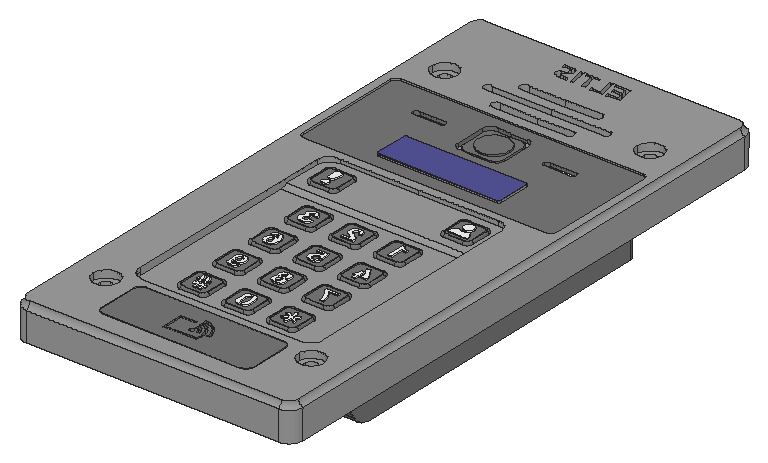
Revit family "Блок вызова_DPU5000-KEDC", category Устройства вызова и оповещения, Revit 2019
Family settings
  Сохранять ориентацию аннотаций = Нет
  Размер круглого соединителя = Использовать диаметр
  Тип детали = Нормальный
  На основе рабочей плоскости = Нет
  Всегда вертикально = Да
  При загрузке вырезать с полостями = Нет
  Общий = Нет
  Точка расчета площади = Нет
Parameters
  Отступ от грани [instance] = 500 mm
  Описание = "Блок вызова DPU5000-KEDC"
  Горизонтально [instance] = not(Вертикально)  # yes
  Вертикально [instance] = no
  ADSK_Этаж [instance] = ""
  ADSK_Обозначение = "DPU5000-KEDC"
  ADSK_Наименование краткое = "Блок вызова"
  ADSK_Наименование = "Блок вызова DPU5000-KEDC"
  ADSK_Масса = 1
  ADSK_Марка = "DPU5000-KEDC"
  ADSK_Завод-изготовитель = "ELTIS"  # constant formula
Reference planes
  plane 1 "По центру (Вперед/Назад)": y = 0
  plane 2: z = 0
  plane 3 "По центру (Влево/Вправо)": x = 0
  plane 4 "TRT": z = 500
  plane 5 "RTR": z = 493.341
Dimensions and locks
  "Отступ от грани": plane 4 "TRT" to level
  aligned and locked: level to plane 2
  aligned and locked: nested 1 to plane 3 "По центру (Влево/Вправо)"
  aligned and locked: plane 1 "По центру (Вперед/Назад)" to nested 1
  aligned and locked: plane 3 "По центру (Влево/Вправо)" to nested 2
  aligned and locked: plane 5 "RTR" to nested 2
Nested families
  nested 1: "_7000" at (0, 26.363, 500) x (-1, 0, 0) z (0, 0, 1), visible <- "Горизонтально", type "_7000"
  nested 2: "_7000" at (0, 0, 646.341) x (1, 0, 0) z (0, -1, 0), visible <- "Вертикально", type "_7000"
Connectors
  electrical at (0, 0, 493.341)
    settings: index 1, voltage 0 V, apparent load 0 VA, apparent load phase1 0 VA, apparent load phase2 0 VA, apparent load phase3 0 VA, power factor 1, load classification "Прочее", number of poles 1, system type 31, power factor state 1, is connector primary yes, connector utility no, sub classification motor no, connector description ""
Definition of nested family "_7000"
  Parameters (values of type "_7000")
    Черый цвет = none
    Стекло = none
    Синий цвет = none
    Серый цвет = none
    Default Elevation = 1219.2 mm
    Белый цвет = none
    Бежевый цвет = none
  Reference planes
    plane 1 "Уууу": y = 0
    plane 2: z = 0
    plane 3 "Пккккккк": x = 0
  Forms (mm)
    Extrusion 1, solid
      sketch origin (0, 0, 0) x (1, 0, 0) y (0, 1, 0)
        loop
          line (-1219.2, 1219.2) -> (-1219.2, -1219.2) -> (1219.2, -1219.2) -> (1219.2, 1219.2) -> (-1219.2, 1219.2)
      from 0 to -304.8
    Extrusion 2, solid, material <- "Серый цвет", detail levels medium+fine
      sketch origin (0, 0, 0) x (1, 0, 0) y (0, 1, 0)
        loop
          line (-56.452, -153) -> (56.531, -153)
          arc (56.531, -153) -> (60.752, -151.252) -> (62.5, -147.031) r 5.969
          line (62.5, -147.031) -> (62.5, 101.045)
          arc (62.5, 101.045) -> (60.756, 105.256) -> (56.545, 107) r 5.955
          line (56.545, 107) -> (-56.475, 107)
          arc (-56.475, 107) -> (-60.735, 105.235) -> (-62.5, 100.975) r 6.025
          line (-62.5, 100.975) -> (-62.5, -146.952)
          arc (-62.5, -146.952) -> (-60.728, -151.228) -> (-56.452, -153) r 6.048
        loop
          circle (-46, -121.591) r 2.8
        loop
          circle (-46, 68.566) r 2.8
        loop
          circle (46, -121.591) r 2.8
        loop
          circle (46, 68.566) r 2.8
      from 0 to 16
    Extrusion 3, void
      sketch origin (0, 0, 0) x (1, 0, 0) y (0, 1, 0)
        loop
          arc (-54.219, 54) -> (-56.199, 53.18) -> (-57.019, 51.2) r 2.8
          line (-57.019, 51.2) -> (-57.019, 2.7)
          arc (-57.019, 2.7) -> (-56.135, 0.565) -> (-54, -0.319) r 3.019
          line (-54, -0.319) -> (0, -0.319) -> (54, -0.319)
          arc (54, -0.319) -> (56.135, 0.565) -> (57.019, 2.7) r 3.019
          line (57.019, 2.7) -> (57.019, 51.2)
          arc (57.019, 51.2) -> (56.199, 53.18) -> (54.219, 54) r 2.8
          line (54.219, 54) -> (0, 54) -> (-54.219, 54)
        loop
          arc (-35.6, -3.566) -> (-39.705, -5.266) -> (-41.405, -9.371) r 5.805
          line (-41.405, -9.371) -> (-41.405, -108.6)
          arc (-41.405, -108.6) -> (-39.705, -112.705) -> (-35.6, -114.405) r 5.805
          line (-35.6, -114.405) -> (0, -114.405) -> (35.6, -114.405)
          arc (35.6, -114.405) -> (39.705, -112.705) -> (41.405, -108.6) r 5.805
          line (41.405, -108.6) -> (41.405, -9.371)
          arc (41.405, -9.371) -> (39.705, -5.266) -> (35.6, -3.566) r 5.805
          line (35.6, -3.566) -> (0, -3.566) -> (-35.6, -3.566)
        loop
          arc (-26.5, 23.332) -> (-27.207, 23.039) -> (-27.5, 22.332) r 1
          line (-27.5, 22.332) -> (-27.5, 7.959)
          arc (-27.5, 7.959) -> (-27.207, 7.251) -> (-26.5, 6.959) r 1
          line (-26.5, 6.959) -> (26.5, 6.959)
          arc (26.5, 6.959) -> (27.207, 7.251) -> (27.5, 7.959) r 1
          line (27.5, 7.959) -> (27.5, 22.332)
          arc (27.5, 22.332) -> (27.207, 23.039) -> (26.5, 23.332) r 1
          line (26.5, 23.332) -> (-26.5, 23.332)
      from 14 to 30
    Extrusion 4, void
      sketch origin (0, 0, 0) x (1, 0, 0) y (0, 1, 0)
        loop
          line (-34.105, -121.571) -> (-34.105, -138.571)
          arc (-34.105, -138.571) -> (-33.049, -141.12) -> (-30.5, -142.175) r 3.605
          line (-30.5, -142.175) -> (0, -142.175) -> (30.5, -142.175)
          arc (30.5, -142.175) -> (33.049, -141.12) -> (34.105, -138.571) r 3.605
          line (34.105, -138.571) -> (34.105, -121.571)
          arc (34.105, -121.571) -> (33.049, -119.022) -> (30.5, -117.966) r 3.605
          line (30.5, -117.966) -> (0, -117.966) -> (-30.5, -117.966)
          arc (-30.5, -117.966) -> (-33.049, -119.022) -> (-34.105, -121.571) r 3.605
      from 14 to 30
    Extrusion 5, void
      sketch origin (0, 0, 0) x (1, 0, 0) y (0, 1, 0)
        loop
          line (0, 78.499) -> (-16.5, 78.499)
          arc (-16.5, 78.499) -> (-18.57, 76.429) -> (-16.5, 74.36) r 2.07
          line (-16.5, 74.36) -> (0, 74.36) -> (16.5, 74.36)
          arc (16.5, 74.36) -> (18.57, 76.429) -> (16.5, 78.499) r 2.07
          line (16.5, 78.499) -> (0, 78.499)
        loop
          line (0, 62.439) -> (-16.5, 62.439)
          arc (-16.5, 62.439) -> (-18.57, 60.369) -> (-16.5, 58.299) r 2.07
          line (-16.5, 58.299) -> (0, 58.299) -> (16.5, 58.299)
          arc (16.5, 58.299) -> (18.57, 60.369) -> (16.5, 62.439) r 2.07
          line (16.5, 62.439) -> (0, 62.439)
        loop
          line (0, 70.554) -> (-26.39, 70.554)
          arc (-26.39, 70.554) -> (-28.46, 68.484) -> (-26.39, 66.414) r 2.07
          line (-26.39, 66.414) -> (0, 66.414) -> (26.39, 66.414)
          arc (26.39, 66.414) -> (28.46, 68.484) -> (26.39, 70.554) r 2.07
          line (26.39, 70.554) -> (0, 70.554)
      from 13 to 30
    Extrusion 6, void
      sketch origin (0, 0, 0) x (1, 0, 0) y (0, 1, 0)
        loop
          line (-13.907, 97.838) -> (-15.774, 89.75) -> (-9.296, 89.75) -> (-8.991, 91.069) -> (-13.744, 91.069) -> (-13.253, 93.198) -> (-9.102, 93.198) -> (-8.779, 94.598) -> (-12.929, 94.598) -> (-12.484, 96.526) -> (-7.731, 96.526) -> (-7.429, 97.838) -> (-13.907, 97.838)
        loop
          line (-6.308, 97.838) -> (-7.989, 89.75) -> (-2.2, 89.75) -> (-1.895, 91.069) -> (-6.033, 91.069) -> (-4.626, 97.838) -> (-6.308, 97.838)
        loop
          line (-0.74, 97.838) -> (-1.013, 96.526) -> (1.409, 96.526) -> (0, 89.75) -> (1.661, 89.75) -> (3.07, 96.526) -> (5.41, 96.526) -> (5.682, 97.838) -> (-0.74, 97.838)
        loop
          line (6.65, 97.838) -> (4.968, 89.748) -> (6.688, 89.748) -> (8.37, 97.838) -> (6.65, 97.838)
        loop
          line (15.263, 96.265) -> (15.66, 97.838) -> (11.545, 97.838)
          arc (11.545, 97.838) -> (9.61, 96.822) -> (9.621, 94.636) r 2.104
          line (9.621, 94.636) -> (12.156, 92.726)
          arc (12.156, 92.726) -> (12.701, 92.029) -> (12.253, 91.265) r 0.787
          line (12.253, 91.265) -> (8.529, 91.265) -> (8.213, 89.748) -> (12.667, 89.748)
          arc (12.667, 89.748) -> (13.561, 90.076) -> (14.332, 90.633) r 3.483
          arc (14.332, 90.633) -> (14.908, 92.156) -> (14.085, 93.561) r 1.887
          line (14.085, 93.561) -> (11.642, 95.212)
          arc (11.642, 95.212) -> (11.457, 95.807) -> (11.88, 96.265) r 0.624
          line (11.88, 96.265) -> (15.263, 96.265)
      from 14 to 30
    Extrusion 7, void
      sketch origin (0, 0, 0) x (1, 0, 0) y (0, 1, 0)
        loop
          circle (-46.058, 68.453) r 5.773
        loop
          circle (-46.058, -121.547) r 5.773
        loop
          circle (46.058, 68.453) r 5.773
        loop
          circle (46.058, -121.547) r 5.773
      from 13 to 30
    Extrusion 8, void
      sketch origin (0, 0, 0) x (0, 1, 0) y (0, 0, 1)
        loop
          line (-24.213, 16) -> (-24.213, 21) -> (-104.405, 21) -> (-104.405, 16) -> (-104.405, 13.031) -> (-29.355, 13.031)
          arc (-29.355, 13.031) -> (-26.455, 13.946) -> (-24.213, 16) r 7.026
      from -41.405 to 41.405
    Extrusion 9, void
      sketch origin (0, 0, 0) x (1, 0, 0) y (0, 1, 0)
        loop
          arc (-41.405, -108.6) -> (-39.705, -112.705) -> (-35.6, -114.405) r 5.805
          line (-35.6, -114.405) -> (35.6, -114.405)
          arc (35.6, -114.405) -> (39.705, -112.705) -> (41.405, -108.6) r 5.805
          line (41.405, -108.6) -> (41.405, -104.405) -> (-41.405, -104.405) -> (-41.405, -108.6)
      from 13 to 30
    Sweep 10, void
      path in 3D
        loop
          arc (-62.5, -146.952, 16) -> (-60.728, -151.228, 16) -> (-56.452, -153, 16) r 6.048
          line (-56.452, -153, 16) -> (56.531, -153, 16)
          arc (56.531, -153, 16) -> (60.752, -151.252, 16) -> (62.5, -147.031, 16) r 5.969
          line (62.5, -147.031, 16) -> (62.5, 101.045, 16)
          arc (62.5, 101.045, 16) -> (60.756, 105.256, 16) -> (56.545, 107, 16) r 5.955
          line (56.545, 107, 16) -> (-56.475, 107, 16)
          arc (-56.475, 107, 16) -> (-60.735, 105.235, 16) -> (-62.5, 100.975, 16) r 6.025
          line (-62.5, 100.975, 16) -> (-62.5, -146.952, 16)
      profile origin (-62.5, -22.988, 16) x (1, 0, 0) y (0, 0, 1)
        loop
          line (1.866, 0) -> (0, 0) -> (0, -2.874)
          arc (0, -2.874) -> (1.368, -1.719) -> (1.866, 0) r 3.088
    Extrusion 11, void
      sketch origin (0, 0, 0) x (1, 0, 0) y (0, 1, 0)
        loop
          line (0, 47.003) -> (-5.103, 47.003)
          arc (-5.103, 47.003) -> (-7.79, 45.89) -> (-8.903, 43.203) r 3.8
          line (-8.903, 43.203) -> (-8.903, 32.861)
          arc (-8.903, 32.861) -> (-7.83, 30.27) -> (-5.239, 29.197) r 3.664
          line (-5.239, 29.197) -> (0, 29.197) -> (5.239, 29.197)
          arc (5.239, 29.197) -> (7.83, 30.27) -> (8.903, 32.861) r 3.664
          line (8.903, 32.861) -> (8.903, 43.203)
          arc (8.903, 43.203) -> (7.79, 45.89) -> (5.103, 47.003) r 3.8
          line (5.103, 47.003) -> (0, 47.003)
      from 13 to 30
    Extrusion 12, solid, material <- "Черый цвет", detail levels medium+fine
      sketch origin (0, 0, 0) x (1, 0, 0) y (0, 1, 0)
        loop
          line (-10.45, 44.9) -> (-10.45, 31.4)
          arc (-10.45, 31.4) -> (-9.414, 28.9) -> (-6.914, 27.864) r 3.536
          line (-6.914, 27.864) -> (0, 27.864) -> (6.914, 27.864)
          arc (6.914, 27.864) -> (9.414, 28.9) -> (10.45, 31.4) r 3.536
          line (10.45, 31.4) -> (10.45, 44.9)
          arc (10.45, 44.9) -> (9.337, 47.587) -> (6.65, 48.7) r 3.8
          line (6.65, 48.7) -> (0, 48.7) -> (-6.65, 48.7)
          arc (-6.65, 48.7) -> (-9.337, 47.587) -> (-10.45, 44.9) r 3.8
        loop
          arc (-54.219, 54) -> (-56.199, 53.18) -> (-57.019, 51.2) r 2.8
          line (-57.019, 51.2) -> (-57.019, 2.7)
          arc (-57.019, 2.7) -> (-56.135, 0.565) -> (-54, -0.319) r 3.019
          line (-54, -0.319) -> (0, -0.319) -> (54, -0.319)
          arc (54, -0.319) -> (56.135, 0.565) -> (57.019, 2.7) r 3.019
          line (57.019, 2.7) -> (57.019, 51.2)
          arc (57.019, 51.2) -> (56.199, 53.18) -> (54.219, 54) r 2.8
          line (54.219, 54) -> (0, 54) -> (-54.219, 54)
        loop
          circle (0, 38.282) r 7.008
        loop
          arc (-35.226, 40.653) -> (-36.299, 40.208) -> (-36.744, 39.135) r 1.518
          arc (-36.744, 39.135) -> (-36.299, 38.062) -> (-35.226, 37.618) r 1.518
          line (-35.226, 37.618) -> (-23.424, 37.618)
          arc (-23.424, 37.618) -> (-22.364, 38.064) -> (-21.942, 39.135) r 1.482
          arc (-21.942, 39.135) -> (-22.364, 40.206) -> (-23.424, 40.653) r 1.482
          line (-23.424, 40.653) -> (-35.226, 40.653)
        loop
          line (35.226, 40.653) -> (23.424, 40.653)
          arc (23.424, 40.653) -> (22.364, 40.206) -> (21.942, 39.135) r 1.482
          arc (21.942, 39.135) -> (22.364, 38.064) -> (23.424, 37.618) r 1.482
          line (23.424, 37.618) -> (35.226, 37.618)
          arc (35.226, 37.618) -> (36.299, 38.062) -> (36.744, 39.135) r 1.518
          arc (36.744, 39.135) -> (36.299, 40.208) -> (35.226, 40.653) r 1.518
      from 13 to 15.5
    Extrusion 13, solid, material <- "Черый цвет", detail levels medium+fine
      sketch origin (0, 0, 0) x (1, 0, 0) y (0, 1, 0)
        loop
          arc (-30.5, -117.966) -> (-33.049, -119.022) -> (-34.105, -121.571) r 3.605
          line (-34.105, -121.571) -> (-34.105, -138.571)
          arc (-34.105, -138.571) -> (-33.049, -141.12) -> (-30.5, -142.175) r 3.605
          line (-30.5, -142.175) -> (30.5, -142.175)
          arc (30.5, -142.175) -> (33.049, -141.12) -> (34.105, -138.571) r 3.605
          line (34.105, -138.571) -> (34.105, -121.571)
          arc (34.105, -121.571) -> (33.049, -119.022) -> (30.5, -117.966) r 3.605
          line (30.5, -117.966) -> (-30.5, -117.966)
      from 13 to 16
    Extrusion 14, void
      sketch origin (0, 0, 0) x (1, 0, 0) y (0, 1, 0)
        loop
          line (1.465, -126.203) -> (1.465, -127.35) -> (7.9, -127.35) -> (7.9, -135.292) -> (-5.45, -135.292) -> (-5.45, -133.725) -> (-6.579, -133.725) -> (-6.579, -136.294) -> (8.95, -136.294) -> (8.95, -126.203) -> (1.465, -126.203)
        loop
          circle (-0.871, -131.869) r 1.072
        loop
          line (-8.847, -131.944) -> (-7.668, -131.944)
          arc (-7.668, -131.944) -> (-5.624, -127.009) -> (-0.689, -124.965) r 6.979
          line (-0.689, -124.965) -> (-0.689, -123.785)
          arc (-0.689, -123.785) -> (-6.458, -126.175) -> (-8.847, -131.944) r 8.159
        loop
          line (-6.579, -131.944) -> (-5.45, -131.944)
          arc (-5.45, -131.944) -> (-4.099, -128.683) -> (-0.838, -127.332) r 4.612
          line (-0.838, -127.332) -> (-0.838, -126.203)
          arc (-0.838, -126.203) -> (-4.898, -127.885) -> (-6.579, -131.944) r 5.741
        loop
          line (-4.269, -131.944) -> (-2.906, -131.944)
          arc (-2.906, -131.944) -> (-2.301, -130.482) -> (-0.838, -129.876) r 2.068
          line (-0.838, -129.876) -> (-0.838, -128.513)
          arc (-0.838, -128.513) -> (-3.264, -129.518) -> (-4.269, -131.944) r 3.431
      from 15 to 35
    Extrusion 15, solid, material <- "Черый цвет", detail levels medium+fine
      sketch origin (0, 0, 0) x (1, 0, 0) y (0, 1, 0)
        loop
          line (-15.785, -34.467) -> (-24.158, -34.467)
          arc (-24.158, -34.467) -> (-25.256, -34.922) -> (-25.71, -36.019) r 1.552
          line (-25.71, -36.019) -> (-25.71, -44.688)
          arc (-25.71, -44.688) -> (-25.256, -45.785) -> (-24.158, -46.239) r 1.552
          line (-24.158, -46.239) -> (-15.785, -46.239)
          arc (-15.785, -46.239) -> (-14.654, -45.771) -> (-14.185, -44.639) r 1.6
          line (-14.185, -44.639) -> (-14.185, -36.067)
          arc (-14.185, -36.067) -> (-14.654, -34.936) -> (-15.785, -34.467) r 1.6
        loop
          line (4.215, -34.467) -> (-4.158, -34.467)
          arc (-4.158, -34.467) -> (-5.256, -34.922) -> (-5.71, -36.019) r 1.552
          line (-5.71, -36.019) -> (-5.71, -44.688)
          arc (-5.71, -44.688) -> (-5.256, -45.785) -> (-4.158, -46.239) r 1.552
          line (-4.158, -46.239) -> (4.215, -46.239)
          arc (4.215, -46.239) -> (5.346, -45.771) -> (5.815, -44.639) r 1.6
          line (5.815, -44.639) -> (5.815, -36.067)
          arc (5.815, -36.067) -> (5.346, -34.936) -> (4.215, -34.467) r 1.6
        loop
          line (24.215, -34.467) -> (15.842, -34.467)
          arc (15.842, -34.467) -> (14.744, -34.922) -> (14.29, -36.019) r 1.552
          line (14.29, -36.019) -> (14.29, -44.688)
          arc (14.29, -44.688) -> (14.744, -45.785) -> (15.842, -46.239) r 1.552
          line (15.842, -46.239) -> (24.215, -46.239)
          arc (24.215, -46.239) -> (25.346, -45.771) -> (25.815, -44.639) r 1.6
          line (25.815, -44.639) -> (25.815, -36.067)
          arc (25.815, -36.067) -> (25.346, -34.936) -> (24.215, -34.467) r 1.6
        loop
          line (-15.785, -54.467) -> (-24.158, -54.467)
          arc (-24.158, -54.467) -> (-25.256, -54.922) -> (-25.71, -56.019) r 1.552
          line (-25.71, -56.019) -> (-25.71, -64.688)
          arc (-25.71, -64.688) -> (-25.256, -65.785) -> (-24.158, -66.239) r 1.552
          line (-24.158, -66.239) -> (-15.785, -66.239)
          arc (-15.785, -66.239) -> (-14.654, -65.771) -> (-14.185, -64.639) r 1.6
          line (-14.185, -64.639) -> (-14.185, -56.067)
          arc (-14.185, -56.067) -> (-14.654, -54.936) -> (-15.785, -54.467) r 1.6
        loop
          line (4.215, -54.467) -> (-4.158, -54.467)
          arc (-4.158, -54.467) -> (-5.256, -54.922) -> (-5.71, -56.019) r 1.552
          line (-5.71, -56.019) -> (-5.71, -64.688)
          arc (-5.71, -64.688) -> (-5.256, -65.785) -> (-4.158, -66.239) r 1.552
          line (-4.158, -66.239) -> (4.215, -66.239)
          arc (4.215, -66.239) -> (5.346, -65.771) -> (5.815, -64.639) r 1.6
          line (5.815, -64.639) -> (5.815, -56.067)
          arc (5.815, -56.067) -> (5.346, -54.936) -> (4.215, -54.467) r 1.6
        loop
          line (24.215, -54.467) -> (15.842, -54.467)
          arc (15.842, -54.467) -> (14.744, -54.922) -> (14.29, -56.019) r 1.552
          line (14.29, -56.019) -> (14.29, -64.688)
          arc (14.29, -64.688) -> (14.744, -65.785) -> (15.842, -66.239) r 1.552
          line (15.842, -66.239) -> (24.215, -66.239)
          arc (24.215, -66.239) -> (25.346, -65.771) -> (25.815, -64.639) r 1.6
          line (25.815, -64.639) -> (25.815, -56.067)
          arc (25.815, -56.067) -> (25.346, -54.936) -> (24.215, -54.467) r 1.6
        loop
          line (-15.785, -74.467) -> (-24.158, -74.467)
          arc (-24.158, -74.467) -> (-25.256, -74.922) -> (-25.71, -76.019) r 1.552
          line (-25.71, -76.019) -> (-25.71, -84.688)
          arc (-25.71, -84.688) -> (-25.256, -85.785) -> (-24.158, -86.239) r 1.552
          line (-24.158, -86.239) -> (-15.785, -86.239)
          arc (-15.785, -86.239) -> (-14.654, -85.771) -> (-14.185, -84.639) r 1.6
          line (-14.185, -84.639) -> (-14.185, -76.067)
          arc (-14.185, -76.067) -> (-14.654, -74.936) -> (-15.785, -74.467) r 1.6
        loop
          line (4.215, -74.467) -> (-4.158, -74.467)
          arc (-4.158, -74.467) -> (-5.256, -74.922) -> (-5.71, -76.019) r 1.552
          line (-5.71, -76.019) -> (-5.71, -84.688)
          arc (-5.71, -84.688) -> (-5.256, -85.785) -> (-4.158, -86.239) r 1.552
          line (-4.158, -86.239) -> (4.215, -86.239)
          arc (4.215, -86.239) -> (5.346, -85.771) -> (5.815, -84.639) r 1.6
          line (5.815, -84.639) -> (5.815, -76.067)
          arc (5.815, -76.067) -> (5.346, -74.936) -> (4.215, -74.467) r 1.6
        loop
          line (24.215, -74.467) -> (15.842, -74.467)
          arc (15.842, -74.467) -> (14.744, -74.922) -> (14.29, -76.019) r 1.552
          line (14.29, -76.019) -> (14.29, -84.688)
          arc (14.29, -84.688) -> (14.744, -85.785) -> (15.842, -86.239) r 1.552
          line (15.842, -86.239) -> (24.215, -86.239)
          arc (24.215, -86.239) -> (25.346, -85.771) -> (25.815, -84.639) r 1.6
          line (25.815, -84.639) -> (25.815, -76.067)
          arc (25.815, -76.067) -> (25.346, -74.936) -> (24.215, -74.467) r 1.6
        loop
          line (-15.785, -94.467) -> (-24.158, -94.467)
          arc (-24.158, -94.467) -> (-25.256, -94.922) -> (-25.71, -96.019) r 1.552
          line (-25.71, -96.019) -> (-25.71, -104.688)
          arc (-25.71, -104.688) -> (-25.256, -105.785) -> (-24.158, -106.239) r 1.552
          line (-24.158, -106.239) -> (-15.785, -106.239)
          arc (-15.785, -106.239) -> (-14.654, -105.771) -> (-14.185, -104.639) r 1.6
          line (-14.185, -104.639) -> (-14.185, -96.067)
          arc (-14.185, -96.067) -> (-14.654, -94.936) -> (-15.785, -94.467) r 1.6
        loop
          line (4.215, -94.467) -> (-4.158, -94.467)
          arc (-4.158, -94.467) -> (-5.256, -94.922) -> (-5.71, -96.019) r 1.552
          line (-5.71, -96.019) -> (-5.71, -104.688)
          arc (-5.71, -104.688) -> (-5.256, -105.785) -> (-4.158, -106.239) r 1.552
          line (-4.158, -106.239) -> (4.215, -106.239)
          arc (4.215, -106.239) -> (5.346, -105.771) -> (5.815, -104.639) r 1.6
          line (5.815, -104.639) -> (5.815, -96.067)
          arc (5.815, -96.067) -> (5.346, -94.936) -> (4.215, -94.467) r 1.6
        loop
          line (24.215, -94.467) -> (15.842, -94.467)
          arc (15.842, -94.467) -> (14.744, -94.922) -> (14.29, -96.019) r 1.552
          line (14.29, -96.019) -> (14.29, -104.688)
          arc (14.29, -104.688) -> (14.744, -105.785) -> (15.842, -106.239) r 1.552
          line (15.842, -106.239) -> (24.215, -106.239)
          arc (24.215, -106.239) -> (25.346, -105.771) -> (25.815, -104.639) r 1.6
          line (25.815, -104.639) -> (25.815, -96.067)
          arc (25.815, -96.067) -> (25.346, -94.936) -> (24.215, -94.467) r 1.6
      from 10 to 14
    Extrusion 16, solid, material <- "Белый цвет", detail levels medium+fine
      sketch origin (0, 0, 0) x (1, 0, 0) y (0, 1, 0)
        loop
          line (-22.293, -37.747) -> (-22.293, -38.931) -> (-20.373, -38.931) -> (-20.373, -44.371) -> (-18.822, -44.371) -> (-18.822, -36.371) -> (-20.035, -36.371)
          arc (-20.035, -36.371) -> (-20.865, -37.55) -> (-22.293, -37.747) r 1.807
        loop
          line (-19.14, -56.564) -> (-20.637, -56.564) -> (-23.53, -61.379) -> (-23.53, -62.671) -> (-20.03, -62.671) -> (-20.03, -64.371) -> (-18.53, -64.371) -> (-18.53, -62.671) -> (-17.73, -62.671) -> (-17.73, -61.379) -> (-18.53, -61.379) -> (-18.53, -58.771) -> (-20.03, -58.771) -> (-20.03, -61.379) -> (-22.032, -61.379) -> (-19.14, -56.564)
        loop
          line (-22.933, -76.584) -> (-22.933, -77.971) -> (-18.937, -77.971)
          arc (-18.937, -77.971) -> (-20.886, -80.894) -> (-21.772, -84.295) r 10.585
          line (-21.772, -84.295) -> (-20.083, -84.295)
          arc (-20.083, -84.295) -> (-19.234, -80.779) -> (-17.173, -77.806) r 9.861
          line (-17.173, -77.806) -> (-17.173, -76.584) -> (-22.933, -76.584)
        loop
          line (-20.6, -99.331) -> (-22.244, -98.382)
          arc (-22.244, -98.382) -> (-23.063, -98.602) -> (-22.844, -99.421) r 0.6
          line (-22.844, -99.421) -> (-21.159, -100.394) -> (-22.875, -101.385)
          arc (-22.875, -101.385) -> (-23.087, -102.177) -> (-22.296, -102.389) r 0.58
          line (-22.296, -102.389) -> (-20.6, -101.41) -> (-20.6, -103.371)
          arc (-20.6, -103.371) -> (-20, -103.97) -> (-19.4, -103.371) r 0.6
          line (-19.4, -103.371) -> (-19.4, -101.41) -> (-17.836, -102.313)
          arc (-17.836, -102.313) -> (-17.017, -102.093) -> (-17.236, -101.273) r 0.6
          line (-17.236, -101.273) -> (-18.813, -100.363) -> (-17.134, -99.394)
          arc (-17.134, -99.394) -> (-16.922, -98.603) -> (-17.714, -98.39) r 0.58
          line (-17.714, -98.39) -> (-19.4, -99.364) -> (-19.4, -97.421)
          arc (-19.4, -97.421) -> (-20, -96.821) -> (-20.6, -97.421) r 0.6
          line (-20.6, -97.421) -> (-20.6, -99.331)
        loop
          arc (-1.333, -39.217) -> (-0.165, -37.729) -> (1.004, -39.217) r 1.203
          arc (1.004, -39.217) -> (0.214, -40.19) -> (-0.821, -40.897) r 4.357
          arc (-0.821, -40.897) -> (-2.429, -42.322) -> (-3.077, -44.371) r 4.031
          line (-3.077, -44.371) -> (2.638, -44.371) -> (2.638, -42.984) -> (-0.98, -42.984)
          arc (-0.98, -42.984) -> (0.254, -41.868) -> (1.679, -41.009) r 8.635
          arc (1.679, -41.009) -> (2.383, -40.233) -> (2.638, -39.217) r 2.152
          arc (2.638, -39.217) -> (-0.082, -36.496) -> (-2.803, -39.217) r 2.721
          line (-2.803, -39.217) -> (-1.333, -39.217)
        loop
          line (-1.182, -59.379) -> (-0.992, -57.971) -> (2.45, -57.971) -> (2.45, -56.584) -> (-2.095, -56.584) -> (-2.657, -60.768) -> (-1.193, -60.851)
          arc (-1.193, -60.851) -> (-0.108, -60.31) -> (0.977, -60.851) r 1.36
          arc (0.977, -60.851) -> (1.12, -61.438) -> (1.079, -62.041) r 1.985
          arc (1.079, -62.041) -> (-0.127, -63.247) -> (-1.333, -62.041) r 1.206
          line (-1.333, -62.041) -> (-2.933, -62.041)
          arc (-2.933, -62.041) -> (-2.068, -63.679) -> (-0.334, -64.335) r 2.619
          line (-0.334, -64.335) -> (0.464, -64.335)
          arc (0.464, -64.335) -> (2.541, -63.078) -> (2.76, -60.66) r 2.691
          arc (2.76, -60.66) -> (1.09, -59.093) -> (-1.182, -59.379) r 2.691
        loop
          line (-0.25, -77.766) -> (-0.25, -76.376)
          arc (-0.25, -76.376) -> (-0.695, -76.437) -> (-1.136, -76.524) r 7.611
          arc (-1.136, -76.524) -> (-2.654, -78.148) -> (-1.712, -80.162) r 1.985
          arc (-1.712, -80.162) -> (-2.855, -82.405) -> (-1.204, -84.304) r 2.25
          arc (-1.204, -84.304) -> (-0.73, -84.409) -> (-0.25, -84.472) r 5.571
          line (-0.25, -84.472) -> (-0.25, -83.08)
          arc (-0.25, -83.08) -> (-1.155, -81.971) -> (-0.25, -80.863) r 1.132
          line (-0.25, -80.863) -> (-0.25, -79.562)
          arc (-0.25, -79.562) -> (-1.148, -78.664) -> (-0.25, -77.766) r 0.898
        loop
          arc (0.25, -77.766) -> (1.148, -78.664) -> (0.25, -79.562) r 0.898
          line (0.25, -79.562) -> (0.25, -80.863)
          arc (0.25, -80.863) -> (1.155, -81.971) -> (0.25, -83.08) r 1.132
          line (0.25, -83.08) -> (0.25, -84.472)
          arc (0.25, -84.472) -> (0.73, -84.409) -> (1.204, -84.304) r 5.571
          arc (1.204, -84.304) -> (2.855, -82.405) -> (1.712, -80.162) r 2.25
          arc (1.712, -80.162) -> (2.654, -78.148) -> (1.136, -76.524) r 1.985
          arc (1.136, -76.524) -> (0.695, -76.437) -> (0.25, -76.376) r 7.611
          line (0.25, -76.376) -> (0.25, -77.766)
        loop
          line (-2.798, -98.707) -> (-2.798, -102.052)
          arc (-2.798, -102.052) -> (-2.125, -103.677) -> (-0.5, -104.351) r 2.298
          line (-0.5, -104.351) -> (-0.5, -102.987)
          arc (-0.5, -102.987) -> (-0.992, -102.33) -> (-1.189, -101.533) r 2.069
          line (-1.189, -101.533) -> (-1.189, -99.571)
          arc (-1.189, -99.571) -> (-1.041, -98.646) -> (-0.5, -97.882) r 2.065
          line (-0.5, -97.882) -> (-0.5, -96.409)
          arc (-0.5, -96.409) -> (-2.125, -97.082) -> (-2.798, -98.707) r 2.298
        loop
          arc (2.798, -98.707) -> (2.125, -97.082) -> (0.5, -96.409) r 2.298
          line (0.5, -96.409) -> (0.5, -97.882)
          arc (0.5, -97.882) -> (1.041, -98.646) -> (1.189, -99.571) r 2.065
          line (1.189, -99.571) -> (1.189, -101.533)
          arc (1.189, -101.533) -> (0.992, -102.33) -> (0.5, -102.987) r 2.069
          line (0.5, -102.987) -> (0.5, -104.351)
          arc (0.5, -104.351) -> (2.125, -103.677) -> (2.798, -102.052) r 2.298
          line (2.798, -102.052) -> (2.798, -98.707)
        loop
          arc (-35.226, 40.653) -> (-36.299, 40.208) -> (-36.744, 39.135) r 1.518
          arc (-36.744, 39.135) -> (-36.299, 38.062) -> (-35.226, 37.618) r 1.518
          line (-35.226, 37.618) -> (-23.424, 37.618)
          arc (-23.424, 37.618) -> (-22.364, 38.064) -> (-21.942, 39.135) r 1.482
          arc (-21.942, 39.135) -> (-22.364, 40.206) -> (-23.424, 40.653) r 1.482
          line (-23.424, 40.653) -> (-35.226, 40.653)
        loop
          line (23.424, 37.618) -> (35.226, 37.618)
          arc (35.226, 37.618) -> (36.299, 38.062) -> (36.744, 39.135) r 1.518
          arc (36.744, 39.135) -> (36.299, 40.208) -> (35.226, 40.653) r 1.518
          line (35.226, 40.653) -> (23.424, 40.653)
          arc (23.424, 40.653) -> (22.364, 40.206) -> (21.942, 39.135) r 1.482
          arc (21.942, 39.135) -> (22.364, 38.064) -> (23.424, 37.618) r 1.482
      from 11 to 14.2
    Extrusion 17, solid, material <- "Белый цвет", detail levels medium+fine
      sketch origin (0, 0, 0) x (1, 0, 0) y (0, 1, 0)
        loop
          line (17.245, -38.93) -> (18.798, -38.93)
          arc (18.798, -38.93) -> (19.241, -37.95) -> (20.313, -37.87) r 1.053
          arc (20.313, -37.87) -> (20.677, -38.167) -> (20.875, -38.593) r 1.053
          arc (20.875, -38.593) -> (20.348, -39.422) -> (19.367, -39.464) r 1.062
          line (19.367, -39.464) -> (19.367, -40.841)
          arc (19.367, -40.841) -> (20.529, -40.818) -> (21.117, -41.821) r 1.15
          arc (21.117, -41.821) -> (19.958, -42.981) -> (18.798, -41.821) r 1.16
          line (18.798, -41.821) -> (17.067, -41.821)
          arc (17.067, -41.821) -> (18.166, -43.857) -> (20.407, -44.431) r 2.886
          arc (20.407, -44.431) -> (22.252, -43.667) -> (23.016, -41.821) r 2.61
          arc (23.016, -41.821) -> (22.598, -40.607) -> (21.52, -39.907) r 1.972
          arc (21.52, -39.907) -> (22.296, -39.217) -> (22.506, -38.2) r 1.649
          arc (22.506, -38.2) -> (21.648, -36.975) -> (20.254, -36.435) r 2.57
          arc (20.254, -36.435) -> (19.611, -36.356) -> (18.982, -36.512) r 1.78
          arc (18.982, -36.512) -> (17.718, -37.438) -> (17.245, -38.93) r 2.521
        loop
          line (17.725, -98.191) -> (17.479, -99.254) -> (18.531, -99.254) -> (18.312, -100.203) -> (19.473, -100.203) -> (19.693, -99.254) -> (20.819, -99.254) -> (20.6, -100.203) -> (21.752, -100.203) -> (21.971, -99.254) -> (23.024, -99.254) -> (23.27, -98.191) -> (22.216, -98.191) -> (22.686, -96.157) -> (21.534, -96.157) -> (21.065, -98.191) -> (19.938, -98.191) -> (20.407, -96.157) -> (19.246, -96.157) -> (18.776, -98.191) -> (17.725, -98.191)
        loop
          line (22.232, -102.503) -> (22.478, -101.441) -> (21.426, -101.441) -> (21.645, -100.492) -> (20.484, -100.492) -> (20.264, -101.441) -> (19.138, -101.441) -> (19.357, -100.492) -> (18.205, -100.492) -> (17.986, -101.441) -> (16.933, -101.441) -> (16.687, -102.503) -> (17.741, -102.503) -> (17.285, -104.477) -> (18.437, -104.477) -> (18.892, -102.503) -> (20.019, -102.503) -> (19.563, -104.477) -> (20.725, -104.477) -> (21.181, -102.503) -> (22.232, -102.503)
        loop
          line (20.273, -59.038) -> (20.273, -60.386)
          arc (20.273, -60.386) -> (21.313, -61.75) -> (20.273, -63.113) r 1.414
          line (20.273, -63.113) -> (20.273, -64.434)
          arc (20.273, -64.434) -> (22.971, -61.736) -> (20.273, -59.038) r 2.698
        loop
          arc (19.75, -56.404) -> (17.86, -57.717) -> (17.119, -59.896) r 3.68
          line (17.119, -59.896) -> (17.119, -61.224)
          arc (17.119, -61.224) -> (17.753, -63.387) -> (19.75, -64.434) r 2.886
          line (19.75, -64.434) -> (19.75, -63.064)
          arc (19.75, -63.064) -> (18.766, -61.75) -> (19.75, -60.435) r 1.37
          line (19.75, -60.435) -> (19.75, -59.089)
          arc (19.75, -59.089) -> (19.173, -59.296) -> (18.726, -59.715) r 1.51
          arc (18.726, -59.715) -> (18.903, -58.574) -> (19.75, -57.788) r 1.758
          line (19.75, -57.788) -> (19.75, -56.404)
        loop
          line (20.254, -56.406) -> (20.254, -57.768)
          arc (20.254, -57.768) -> (20.73, -57.916) -> (21.059, -58.291) r 0.924
          line (21.059, -58.291) -> (22.754, -58.291)
          arc (22.754, -58.291) -> (21.912, -56.808) -> (20.254, -56.406) r 2.149
      from 11 to 14.2
    Extrusion 18, solid, material <- "Белый цвет", detail levels medium+fine
      sketch origin (0, 0, 0) x (1, 0, 0) y (0, 1, 0)
        loop
          arc (19.75, -76.374) -> (17.033, -79.092) -> (19.75, -81.809) r 2.717
          line (19.75, -81.809) -> (19.75, -80.405)
          arc (19.75, -80.405) -> (18.784, -79.088) -> (19.75, -77.771) r 1.381
          line (19.75, -77.771) -> (19.75, -76.374)
        loop
          arc (20.25, -77.71) -> (21.298, -79.088) -> (20.25, -80.466) r 1.43
          line (20.25, -80.466) -> (20.25, -81.763)
          arc (20.25, -81.763) -> (20.807, -81.599) -> (21.262, -81.238) r 1.515
          arc (21.262, -81.238) -> (21.053, -82.315) -> (20.25, -83.063) r 1.772
          line (20.25, -83.063) -> (20.25, -84.408)
          arc (20.25, -84.408) -> (21.773, -83.907) -> (22.627, -82.551) r 2.365
          line (22.627, -82.551) -> (22.847, -79.018)
          arc (22.847, -79.018) -> (22.086, -77.181) -> (20.25, -76.421) r 2.597
          line (20.25, -76.421) -> (20.25, -77.71)
        loop
          arc (17.279, -82.551) -> (18.108, -84.036) -> (19.75, -84.477) r 2.184
          line (19.75, -84.477) -> (19.75, -83.084)
          arc (19.75, -83.084) -> (19.255, -82.98) -> (18.987, -82.551) r 0.646
          line (18.987, -82.551) -> (17.279, -82.551)
      from 11 to 14.2
    Extrusion 19, solid, material <- "Черый цвет", detail levels medium+fine
      sketch origin (0, 0, 0) x (1, 0, 0) y (0, 1, 0)
        loop
          arc (-46.764, -107.262) -> (-45.321, -110.745) -> (-41.838, -112.187) r 4.925
          arc (-41.838, -112.187) -> (-39.345, -113.046) -> (-37.908, -115.258) r 4.05
          line (-37.908, -115.258) -> (0, -115.258) -> (37.908, -115.258)
          arc (37.908, -115.258) -> (39.345, -113.046) -> (41.838, -112.187) r 4.05
          arc (41.838, -112.187) -> (45.321, -110.745) -> (46.764, -107.262) r 4.925
          line (46.764, -107.262) -> (46.764, 56.61)
          arc (46.764, 56.61) -> (45.101, 59.458) -> (42, 60.581) r 4.843
          line (42, 60.581) -> (0, 60.581) -> (-42, 60.581)
          arc (-42, 60.581) -> (-45.101, 59.458) -> (-46.764, 56.61) r 4.843
          line (-46.764, 56.61) -> (-46.764, -107.262)
      from -6.659 to 0
    Extrusion 20, solid, material <- "Черый цвет", detail levels medium+fine
      sketch origin (0, 0, -6.659) x (1, 0, 0) y (0, 1, 0)
        loop
          line (0, 60.581) -> (-42, 60.581)
          arc (-42, 60.581) -> (-45.101, 59.458) -> (-46.764, 56.61) r 4.843
          line (-46.764, 56.61) -> (-46.764, -63.221) -> (46.764, -63.221) -> (46.764, 56.61)
          arc (46.764, 56.61) -> (45.101, 59.458) -> (42, 60.581) r 4.843
          line (42, 60.581) -> (0, 60.581)
        loop
          line (26.787, -52.468) -> (23.233, -52.468) -> (23.233, -56.046) -> (26.787, -56.046) -> (26.787, -52.468)
        loop
          line (-23.213, -52.468) -> (-26.767, -52.468) -> (-26.767, -56.046) -> (-23.213, -56.046) -> (-23.213, -52.468)
      from -15.747 to 0
    Extrusion 21, solid, material <- "Черый цвет", detail levels medium+fine
      sketch origin (0, 0, 0) x (0, 1, 0) y (0, 0, 1)
        loop
          line (-63.221, -22.406) -> (-63.221, -6.659) -> (-105.693, -6.659) -> (-98.821, -17.655)
          arc (-98.821, -17.655) -> (-95.151, -21.139) -> (-90.251, -22.406) r 10.106
          line (-90.251, -22.406) -> (-63.221, -22.406)
      from 40.8 to 46.764
    Extrusion 22, solid, material <- "Черый цвет", detail levels medium+fine
      sketch origin (0, 0, 0) x (0, 1, 0) y (0, 0, 1)
        loop
          line (-63.221, -22.406) -> (-63.221, -6.659) -> (-105.693, -6.659) -> (-98.821, -17.655)
          arc (-98.821, -17.655) -> (-95.151, -21.139) -> (-90.251, -22.406) r 10.106
          line (-90.251, -22.406) -> (-63.221, -22.406)
      from -46.764 to -40.8
    Extrusion 23, solid, material <- "Черый цвет", detail levels fine
      sketch origin (0, 0, 0) x (1, 0, 0) y (0, 1, 0)
        loop
          circle (12.544, -105.744) r 3.175
        loop
          line (13.944, -104.306) -> (11.025, -104.306) -> (11.025, -107.171) -> (13.944, -107.171) -> (13.944, -104.306)
        loop
          circle (-12.456, -105.744) r 3.175
        loop
          line (-11.056, -104.306) -> (-13.975, -104.306) -> (-13.975, -107.171) -> (-11.056, -107.171) -> (-11.056, -104.306)
      from -9.583 to -6.659
    Extrusion 24, solid, material <- "Синий цвет", detail levels fine
      sketch origin (0, 0, 0) x (1, 0, 0) y (0, 0, 1)
        loop
          line (-40.3, -16.87) -> (-34.392, -16.87) -> (-33.3, -13.87) -> (-33.3, -8.07) -> (-30.7, -8.07) -> (-30.7, -6.659) -> (-40.3, -6.659) -> (-40.3, -16.87)
        loop
          line (40.3, -16.87) -> (40.3, -6.659) -> (30.7, -6.659) -> (30.7, -8.07) -> (33.3, -8.07) -> (33.3, -13.87) -> (34.392, -16.87) -> (40.3, -16.87)
      from 67.309 to 98
    Extrusion 25, void
      sketch origin (0, 0, 0) x (1, 0, 0) y (0, 1, 0)
        loop
          circle (36.311, -69.217) r 1.472
        loop
          circle (36.311, -73.046) r 1.472
        loop
          circle (36.311, -76.774) r 1.472
        loop
          circle (36.311, -80.745) r 1.472
        loop
          circle (36.311, -96.092) r 1.472
        loop
          circle (36.311, -92.263) r 1.472
        loop
          circle (36.311, -88.535) r 1.472
        loop
          circle (36.311, -84.564) r 1.472
        loop
          circle (-36.311, -69.217) r 1.472
        loop
          circle (-36.311, -73.046) r 1.472
        loop
          circle (-36.311, -76.774) r 1.472
        loop
          circle (-36.311, -80.745) r 1.472
        loop
          circle (-36.311, -96.092) r 1.472
        loop
          circle (-36.311, -92.263) r 1.472
        loop
          circle (-36.311, -88.535) r 1.472
        loop
          circle (-36.311, -84.564) r 1.472
      from -20.519 to -13.907
    Extrusion 26, void
      sketch origin (0, 0, 0) x (1, 0, 0) y (0, 1, 0)
        loop
          line (36.311, -67.745) -> (-36.432, -67.745) -> (-36.432, -70.67) -> (36.311, -70.67) -> (36.311, -67.745)
      from -13 to -9
    Extrusion 27, void
      sketch origin (0, -3.829, 0) x (1, 0, 0) y (0, 1, 0)
        loop
          line (36.311, -67.745) -> (-36.432, -67.745) -> (-36.432, -70.67) -> (36.311, -70.67) -> (36.311, -67.745)
      from -13 to -9
    Extrusion 28, void
      sketch origin (0, -7.557, 0) x (1, 0, 0) y (0, 1, 0)
        loop
          line (36.311, -67.745) -> (-36.432, -67.745) -> (-36.432, -70.67) -> (36.311, -70.67) -> (36.311, -67.745)
      from -13 to -9
    Extrusion 29, void
      sketch origin (0, -11.528, 0) x (1, 0, 0) y (0, 1, 0)
        loop
          line (36.311, -67.745) -> (-36.432, -67.745) -> (-36.432, -70.67) -> (36.311, -70.67) -> (36.311, -67.745)
      from -13 to -9
    Extrusion 30, void
      sketch origin (0, -15.347, 0) x (1, 0, 0) y (0, 1, 0)
        loop
          line (36.311, -67.745) -> (-36.432, -67.745) -> (-36.432, -70.67) -> (36.311, -70.67) -> (36.311, -67.745)
      from -13 to -9
    Extrusion 31, void
      sketch origin (0, -19.318, 0) x (1, 0, 0) y (0, 1, 0)
        loop
          line (36.311, -67.745) -> (-36.432, -67.745) -> (-36.432, -70.67) -> (36.311, -70.67) -> (36.311, -67.745)
      from -13 to -9
    Extrusion 32, void
      sketch origin (0, -23.046, 0) x (1, 0, 0) y (0, 1, 0)
        loop
          line (36.311, -67.745) -> (-36.432, -67.745) -> (-36.432, -70.67) -> (36.311, -70.67) -> (36.311, -67.745)
      from -13 to -9
    Extrusion 33, void
      sketch origin (0, -26.875, 0) x (1, 0, 0) y (0, 1, 0)
        loop
          line (36.311, -67.745) -> (-36.432, -67.745) -> (-36.432, -70.67) -> (36.311, -70.67) -> (36.311, -67.745)
      from -13 to -9
    Extrusion 34, solid, material <- "Черый цвет", detail levels fine
      sketch origin (0, 0, 0) x (1, 0, 0) y (0, 1, 0)
        loop
          line (5.103, 47.003) -> (0, 47.003) -> (-5.103, 47.003)
          arc (-5.103, 47.003) -> (-7.79, 45.89) -> (-8.903, 43.203) r 3.8
          line (-8.903, 43.203) -> (-8.903, 32.861)
          arc (-8.903, 32.861) -> (-7.83, 30.27) -> (-5.239, 29.197) r 3.664
          line (-5.239, 29.197) -> (0, 29.197) -> (5.239, 29.197)
          arc (5.239, 29.197) -> (7.83, 30.27) -> (8.903, 32.861) r 3.664
          line (8.903, 32.861) -> (8.903, 43.203)
          arc (8.903, 43.203) -> (7.79, 45.89) -> (5.103, 47.003) r 3.8
      from 14 to 15
    Sweep 35, solid, material <- "Черый цвет", detail levels fine
      path in 3D
        loop
          arc (-25.71, -44.688, 14) -> (-25.256, -45.785, 14) -> (-24.158, -46.239, 14) r 1.552
          line (-24.158, -46.239, 14) -> (-15.785, -46.239, 14)
          arc (-15.785, -46.239, 14) -> (-14.654, -45.771, 14) -> (-14.185, -44.639, 14) r 1.6
          line (-14.185, -44.639, 14) -> (-14.185, -36.067, 14)
          arc (-14.185, -36.067, 14) -> (-14.654, -34.936, 14) -> (-15.785, -34.467, 14) r 1.6
          line (-15.785, -34.467, 14) -> (-24.158, -34.467, 14)
          arc (-24.158, -34.467, 14) -> (-25.256, -34.922, 14) -> (-25.71, -36.019, 14) r 1.552
          line (-25.71, -36.019, 14) -> (-25.71, -44.688, 14)
      profile origin (-25.71, -40.353, 14) x (1, 0, 0) y (0, 0, 1)
        loop
          arc (0, 0.016) -> (-0.718, -0.282) -> (-1.016, -1) r 1.016
          line (-1.016, -1) -> (0, -1) -> (0, 0.016)
    Extrusion 36, solid, material <- "Стекло", detail levels medium+fine
      sketch origin (0, 0, 0) x (1, 0, 0) y (0, 1, 0)
        loop
          line (-27.5, 22.332) -> (-27.5, 7.959)
          arc (-27.5, 7.959) -> (-27.207, 7.251) -> (-26.5, 6.959) r 1
          line (-26.5, 6.959) -> (26.5, 6.959)
          arc (26.5, 6.959) -> (27.207, 7.251) -> (27.5, 7.959) r 1
          line (27.5, 7.959) -> (27.5, 22.332)
          arc (27.5, 22.332) -> (27.207, 23.039) -> (26.5, 23.332) r 1
          line (26.5, 23.332) -> (-26.5, 23.332)
          arc (-26.5, 23.332) -> (-27.207, 23.039) -> (-27.5, 22.332) r 1
      from 11 to 16.2
    Extrusion 37, solid, material <- "Черый цвет", detail levels medium+fine
      sketch origin (-145, 0, 0) x (1, 0, 0) y (0, 1, 0)
        loop
          line (119.02, -9.248) -> (110.647, -9.248)
          arc (110.647, -9.248) -> (109.549, -9.703) -> (109.095, -10.8) r 1.552
          line (109.095, -10.8) -> (109.095, -19.469)
          arc (109.095, -19.469) -> (109.549, -20.566) -> (110.647, -21.021) r 1.552
          line (110.647, -21.021) -> (119.02, -21.021)
          arc (119.02, -21.021) -> (120.151, -20.552) -> (120.62, -19.421) r 1.6
          line (120.62, -19.421) -> (120.62, -10.848)
          arc (120.62, -10.848) -> (120.151, -9.717) -> (119.02, -9.248) r 1.6
      from 10 to 15
    Sweep 38, solid, material <- "Черый цвет", detail levels fine
      path in 3D
        loop
          arc (-5.71, -44.688, 14) -> (-5.256, -45.785, 14) -> (-4.158, -46.239, 14) r 1.552
          line (-4.158, -46.239, 14) -> (4.215, -46.239, 14)
          arc (4.215, -46.239, 14) -> (5.346, -45.771, 14) -> (5.815, -44.639, 14) r 1.6
          line (5.815, -44.639, 14) -> (5.815, -36.067, 14)
          arc (5.815, -36.067, 14) -> (5.346, -34.936, 14) -> (4.215, -34.467, 14) r 1.6
          line (4.215, -34.467, 14) -> (-4.158, -34.467, 14)
          arc (-4.158, -34.467, 14) -> (-5.256, -34.922, 14) -> (-5.71, -36.019, 14) r 1.552
          line (-5.71, -36.019, 14) -> (-5.71, -44.688, 14)
      profile origin (-5.71, -40.353, 14) x (1, 0, 0) y (0, 0, 1)
        loop
          arc (0, 0.016) -> (-0.718, -0.282) -> (-1.016, -1) r 1.016
          line (-1.016, -1) -> (0, -1) -> (0, 0.016)
    Sweep 39, solid, material <- "Черый цвет", detail levels fine
      path in 3D
        loop
          arc (14.29, -44.688, 14) -> (14.744, -45.785, 14) -> (15.842, -46.239, 14) r 1.552
          line (15.842, -46.239, 14) -> (24.215, -46.239, 14)
          arc (24.215, -46.239, 14) -> (25.346, -45.771, 14) -> (25.815, -44.639, 14) r 1.6
          line (25.815, -44.639, 14) -> (25.815, -36.067, 14)
          arc (25.815, -36.067, 14) -> (25.346, -34.936, 14) -> (24.215, -34.467, 14) r 1.6
          line (24.215, -34.467, 14) -> (15.842, -34.467, 14)
          arc (15.842, -34.467, 14) -> (14.744, -34.922, 14) -> (14.29, -36.019, 14) r 1.552
          line (14.29, -36.019, 14) -> (14.29, -44.688, 14)
      profile origin (14.29, -40.353, 14) x (1, 0, 0) y (0, 0, 1)
        loop
          arc (0, 0.016) -> (-0.718, -0.282) -> (-1.016, -1) r 1.016
          line (-1.016, -1) -> (0, -1) -> (0, 0.016)
    Sweep 40, solid, material <- "Черый цвет", detail levels fine
      path in 3D
        loop
          arc (-25.71, -64.688, 14) -> (-25.256, -65.785, 14) -> (-24.158, -66.239, 14) r 1.552
          line (-24.158, -66.239, 14) -> (-15.785, -66.239, 14)
          arc (-15.785, -66.239, 14) -> (-14.654, -65.771, 14) -> (-14.185, -64.639, 14) r 1.6
          line (-14.185, -64.639, 14) -> (-14.185, -56.067, 14)
          arc (-14.185, -56.067, 14) -> (-14.654, -54.936, 14) -> (-15.785, -54.467, 14) r 1.6
          line (-15.785, -54.467, 14) -> (-24.158, -54.467, 14)
          arc (-24.158, -54.467, 14) -> (-25.256, -54.922, 14) -> (-25.71, -56.019, 14) r 1.552
          line (-25.71, -56.019, 14) -> (-25.71, -64.688, 14)
      profile origin (-25.71, -60.353, 14) x (1, 0, 0) y (0, 0, 1)
        loop
          arc (0, 0.016) -> (-0.718, -0.282) -> (-1.016, -1) r 1.016
          line (-1.016, -1) -> (0, -1) -> (0, 0.016)
    Sweep 41, solid, material <- "Черый цвет", detail levels fine
      path in 3D
        loop
          arc (-5.71, -64.688, 14) -> (-5.256, -65.785, 14) -> (-4.158, -66.239, 14) r 1.552
          line (-4.158, -66.239, 14) -> (4.215, -66.239, 14)
          arc (4.215, -66.239, 14) -> (5.346, -65.771, 14) -> (5.815, -64.639, 14) r 1.6
          line (5.815, -64.639, 14) -> (5.815, -56.067, 14)
          arc (5.815, -56.067, 14) -> (5.346, -54.936, 14) -> (4.215, -54.467, 14) r 1.6
          line (4.215, -54.467, 14) -> (-4.158, -54.467, 14)
          arc (-4.158, -54.467, 14) -> (-5.256, -54.922, 14) -> (-5.71, -56.019, 14) r 1.552
          line (-5.71, -56.019, 14) -> (-5.71, -64.688, 14)
      profile origin (-5.71, -60.353, 14) x (1, 0, 0) y (0, 0, 1)
        loop
          arc (0, 0.016) -> (-0.718, -0.282) -> (-1.016, -1) r 1.016
          line (-1.016, -1) -> (0, -1) -> (0, 0.016)
    Sweep 42, solid, material <- "Черый цвет", detail levels fine
      path in 3D
        loop
          arc (14.29, -64.688, 14) -> (14.744, -65.785, 14) -> (15.842, -66.239, 14) r 1.552
          line (15.842, -66.239, 14) -> (24.215, -66.239, 14)
          arc (24.215, -66.239, 14) -> (25.346, -65.771, 14) -> (25.815, -64.639, 14) r 1.6
          line (25.815, -64.639, 14) -> (25.815, -56.067, 14)
          arc (25.815, -56.067, 14) -> (25.346, -54.936, 14) -> (24.215, -54.467, 14) r 1.6
          line (24.215, -54.467, 14) -> (15.842, -54.467, 14)
          arc (15.842, -54.467, 14) -> (14.744, -54.922, 14) -> (14.29, -56.019, 14) r 1.552
          line (14.29, -56.019, 14) -> (14.29, -64.688, 14)
      profile origin (14.29, -60.353, 14) x (1, 0, 0) y (0, 0, 1)
        loop
          arc (0, 0.016) -> (-0.718, -0.282) -> (-1.016, -1) r 1.016
          line (-1.016, -1) -> (0, -1) -> (0, 0.016)
    Sweep 43, solid, material <- "Черый цвет", detail levels fine
      path in 3D
        loop
          arc (-25.71, -84.688, 14) -> (-25.256, -85.785, 14) -> (-24.158, -86.239, 14) r 1.552
          line (-24.158, -86.239, 14) -> (-15.785, -86.239, 14)
          arc (-15.785, -86.239, 14) -> (-14.654, -85.771, 14) -> (-14.185, -84.639, 14) r 1.6
          line (-14.185, -84.639, 14) -> (-14.185, -76.067, 14)
          arc (-14.185, -76.067, 14) -> (-14.654, -74.936, 14) -> (-15.785, -74.467, 14) r 1.6
          line (-15.785, -74.467, 14) -> (-24.158, -74.467, 14)
          arc (-24.158, -74.467, 14) -> (-25.256, -74.922, 14) -> (-25.71, -76.019, 14) r 1.552
          line (-25.71, -76.019, 14) -> (-25.71, -84.688, 14)
      profile origin (-25.71, -80.353, 14) x (1, 0, 0) y (0, 0, 1)
        loop
          arc (0, 0.016) -> (-0.718, -0.282) -> (-1.016, -1) r 1.016
          line (-1.016, -1) -> (0, -1) -> (0, 0.016)
    Sweep 44, solid, material <- "Черый цвет", detail levels fine
      path in 3D
        loop
          arc (-5.71, -84.688, 14) -> (-5.256, -85.785, 14) -> (-4.158, -86.239, 14) r 1.552
          line (-4.158, -86.239, 14) -> (4.215, -86.239, 14)
          arc (4.215, -86.239, 14) -> (5.346, -85.771, 14) -> (5.815, -84.639, 14) r 1.6
          line (5.815, -84.639, 14) -> (5.815, -76.067, 14)
          arc (5.815, -76.067, 14) -> (5.346, -74.936, 14) -> (4.215, -74.467, 14) r 1.6
          line (4.215, -74.467, 14) -> (-4.158, -74.467, 14)
          arc (-4.158, -74.467, 14) -> (-5.256, -74.922, 14) -> (-5.71, -76.019, 14) r 1.552
          line (-5.71, -76.019, 14) -> (-5.71, -84.688, 14)
      profile origin (-5.71, -80.353, 14) x (1, 0, 0) y (0, 0, 1)
        loop
          arc (0, 0.016) -> (-0.718, -0.282) -> (-1.016, -1) r 1.016
          line (-1.016, -1) -> (0, -1) -> (0, 0.016)
    Sweep 45, solid, material <- "Черый цвет", detail levels fine
      path in 3D
        loop
          arc (14.29, -84.688, 14) -> (14.744, -85.785, 14) -> (15.842, -86.239, 14) r 1.552
          line (15.842, -86.239, 14) -> (24.215, -86.239, 14)
          arc (24.215, -86.239, 14) -> (25.346, -85.771, 14) -> (25.815, -84.639, 14) r 1.6
          line (25.815, -84.639, 14) -> (25.815, -76.067, 14)
          arc (25.815, -76.067, 14) -> (25.346, -74.936, 14) -> (24.215, -74.467, 14) r 1.6
          line (24.215, -74.467, 14) -> (15.842, -74.467, 14)
          arc (15.842, -74.467, 14) -> (14.744, -74.922, 14) -> (14.29, -76.019, 14) r 1.552
          line (14.29, -76.019, 14) -> (14.29, -84.688, 14)
      profile origin (14.29, -80.353, 14) x (1, 0, 0) y (0, 0, 1)
        loop
          arc (0, 0.016) -> (-0.718, -0.282) -> (-1.016, -1) r 1.016
          line (-1.016, -1) -> (0, -1) -> (0, 0.016)
    Sweep 46, solid, material <- "Черый цвет", detail levels fine
      path in 3D
        loop
          arc (-25.71, -104.688, 14) -> (-25.256, -105.785, 14) -> (-24.158, -106.239, 14) r 1.552
          line (-24.158, -106.239, 14) -> (-15.785, -106.239, 14)
          arc (-15.785, -106.239, 14) -> (-14.654, -105.771, 14) -> (-14.185, -104.639, 14) r 1.6
          line (-14.185, -104.639, 14) -> (-14.185, -96.067, 14)
          arc (-14.185, -96.067, 14) -> (-14.654, -94.936, 14) -> (-15.785, -94.467, 14) r 1.6
          line (-15.785, -94.467, 14) -> (-24.158, -94.467, 14)
          arc (-24.158, -94.467, 14) -> (-25.256, -94.922, 14) -> (-25.71, -96.019, 14) r 1.552
          line (-25.71, -96.019, 14) -> (-25.71, -104.688, 14)
      profile origin (-25.71, -100.353, 14) x (1, 0, 0) y (0, 0, 1)
        loop
          arc (0, 0.016) -> (-0.718, -0.282) -> (-1.016, -1) r 1.016
          line (-1.016, -1) -> (0, -1) -> (0, 0.016)
    Sweep 47, solid, material <- "Черый цвет", detail levels fine
      path in 3D
        loop
          arc (-5.71, -104.688, 14) -> (-5.256, -105.785, 14) -> (-4.158, -106.239, 14) r 1.552
          line (-4.158, -106.239, 14) -> (4.215, -106.239, 14)
          arc (4.215, -106.239, 14) -> (5.346, -105.771, 14) -> (5.815, -104.639, 14) r 1.6
          line (5.815, -104.639, 14) -> (5.815, -96.067, 14)
          arc (5.815, -96.067, 14) -> (5.346, -94.936, 14) -> (4.215, -94.467, 14) r 1.6
          line (4.215, -94.467, 14) -> (-4.158, -94.467, 14)
          arc (-4.158, -94.467, 14) -> (-5.256, -94.922, 14) -> (-5.71, -96.019, 14) r 1.552
          line (-5.71, -96.019, 14) -> (-5.71, -104.688, 14)
      profile origin (-5.71, -100.353, 14) x (1, 0, 0) y (0, 0, 1)
        loop
          arc (0, 0.016) -> (-0.718, -0.282) -> (-1.016, -1) r 1.016
          line (-1.016, -1) -> (0, -1) -> (0, 0.016)
    Sweep 48, solid, material <- "Черый цвет", detail levels fine
      path in 3D
        loop
          arc (14.29, -104.688, 14) -> (14.744, -105.785, 14) -> (15.842, -106.239, 14) r 1.552
          line (15.842, -106.239, 14) -> (24.215, -106.239, 14)
          arc (24.215, -106.239, 14) -> (25.346, -105.771, 14) -> (25.815, -104.639, 14) r 1.6
          line (25.815, -104.639, 14) -> (25.815, -96.067, 14)
          arc (25.815, -96.067, 14) -> (25.346, -94.936, 14) -> (24.215, -94.467, 14) r 1.6
          line (24.215, -94.467, 14) -> (15.842, -94.467, 14)
          arc (15.842, -94.467, 14) -> (14.744, -94.922, 14) -> (14.29, -96.019, 14) r 1.552
          line (14.29, -96.019, 14) -> (14.29, -104.688, 14)
      profile origin (14.29, -100.353, 14) x (1, 0, 0) y (0, 0, 1)
        loop
          arc (0, 0.016) -> (-0.718, -0.282) -> (-1.016, -1) r 1.016
          line (-1.016, -1) -> (0, -1) -> (0, 0.016)
    Extrusion 49, solid, material <- "Черый цвет", detail levels medium+fine
      sketch origin (-85, 0, 0) x (1, 0, 0) y (0, 1, 0)
        loop
          line (119.02, -9.248) -> (110.647, -9.248)
          arc (110.647, -9.248) -> (109.549, -9.703) -> (109.095, -10.8) r 1.552
          line (109.095, -10.8) -> (109.095, -19.469)
          arc (109.095, -19.469) -> (109.549, -20.566) -> (110.647, -21.021) r 1.552
          line (110.647, -21.021) -> (119.02, -21.021)
          arc (119.02, -21.021) -> (120.151, -20.552) -> (120.62, -19.421) r 1.6
          line (120.62, -19.421) -> (120.62, -10.848)
          arc (120.62, -10.848) -> (120.151, -9.717) -> (119.02, -9.248) r 1.6
      from 10 to 15
    Extrusion 50, solid, material <- "Белый цвет", detail levels medium+fine
      sketch origin (0, 0, 0) x (1, 0, 0) y (0, 1, 0)
        loop
          circle (-30.029, -13.047) r 2.288
        loop
          line (-34.29, -19.329) -> (-25.715, -19.329)
          arc (-25.715, -19.329) -> (-25.994, -17.118) -> (-27.646, -15.621) r 3.212
          arc (-27.646, -15.621) -> (-29.949, -16.473) -> (-32.253, -15.621) r 3.54
          arc (-32.253, -15.621) -> (-33.74, -17.218) -> (-34.29, -19.329) r 4.458
        loop
          circle (30.046, -18.5) r 1.483
        loop
          arc (28.66, -15.321) -> (30, -16.011) -> (31.34, -15.321) r 1.647
          line (31.34, -15.321) -> (31.911, -10.986)
          arc (31.911, -10.986) -> (30, -10.284) -> (28.089, -10.986) r 2.953
          line (28.089, -10.986) -> (28.66, -15.321)
      from 11 to 15.2
    Sweep 51, solid, material <- "Черый цвет", detail levels fine
      path in 3D
        loop
          arc (-35.905, -19.469, 14) -> (-35.451, -20.566, 14) -> (-34.353, -21.021, 14) r 1.552
          line (-34.353, -21.021, 14) -> (-25.98, -21.021, 14)
          arc (-25.98, -21.021, 14) -> (-24.849, -20.552, 14) -> (-24.38, -19.421, 14) r 1.6
          line (-24.38, -19.421, 14) -> (-24.38, -10.848, 14)
          arc (-24.38, -10.848, 14) -> (-24.849, -9.717, 14) -> (-25.98, -9.248, 14) r 1.6
          line (-25.98, -9.248, 14) -> (-34.353, -9.248, 14)
          arc (-34.353, -9.248, 14) -> (-35.451, -9.703, 14) -> (-35.905, -10.8, 14) r 1.552
          line (-35.905, -10.8, 14) -> (-35.905, -19.469, 14)
      profile origin (-35.905, -15.135, 14) x (1, 0, 0) y (0, 0, 1)
        loop
          arc (0, 1) -> (-0.718, 0.702) -> (-1.016, -0.016) r 1.016
          line (-1.016, -0.016) -> (0, -0.016) -> (0, 1)
    Sweep 52, solid, material <- "Черый цвет", detail levels fine
      path in 3D
        loop
          arc (24.095, -19.469, 14) -> (24.549, -20.566, 14) -> (25.647, -21.021, 14) r 1.552
          line (25.647, -21.021, 14) -> (34.02, -21.021, 14)
          arc (34.02, -21.021, 14) -> (35.151, -20.552, 14) -> (35.62, -19.421, 14) r 1.6
          line (35.62, -19.421, 14) -> (35.62, -10.848, 14)
          arc (35.62, -10.848, 14) -> (35.151, -9.717, 14) -> (34.02, -9.248, 14) r 1.6
          line (34.02, -9.248, 14) -> (25.647, -9.248, 14)
          arc (25.647, -9.248, 14) -> (24.549, -9.703, 14) -> (24.095, -10.8, 14) r 1.552
          line (24.095, -10.8, 14) -> (24.095, -19.469, 14)
      profile origin (24.095, -15.135, 14) x (1, 0, 0) y (0, 0, 1)
        loop
          arc (0, 1) -> (-0.718, 0.702) -> (-1.016, -0.016) r 1.016
          line (-1.016, -0.016) -> (0, -0.016) -> (0, 1)
    Extrusion 53, solid, detail levels coarse
      sketch origin (0, 0, 0) x (1, 0, 0) y (0, 1, 0)
        loop
          line (-62.5, -153) -> (62.5, -153) -> (62.5, 107) -> (-62.5, 107) -> (-62.5, -153)
      from -22.406 to 16
  Cuts and joins
    Extrusion 3, Extrusion 4, Extrusion 5, Extrusion 6, Extrusion 7, Extrusion 8, Extrusion 9, Sweep 10, Extrusion 11, Extrusion 14 cuts Extrusion 2
    Extrusion 14 cuts Extrusion 13
    joined: Extrusion 19, Extrusion 20, Extrusion 21, Extrusion 22
    Extrusion 25, Extrusion 26, Extrusion 27, Extrusion 28, Extrusion 29, Extrusion 30, Extrusion 31, Extrusion 32, Extrusion 33 cuts Extrusion 24
  Lines and regions (mm)
    sketch lines
      curve 1: line (-62.5, 100.975, 16) -> (-62.5, -146.952, 16)
      curve 2: arc (-56.452, -153, 16) -> (-60.728, -151.228, 16) -> (-62.5, -146.952, 16) r 6.048
      curve 3: line (-56.452, -153, 16) -> (56.531, -153, 16)
      curve 4: arc (62.5, -147.031, 16) -> (60.752, -151.252, 16) -> (56.531, -153, 16) r 5.969
      curve 5: line (62.5, -147.031, 16) -> (62.5, 101.045, 16)
      curve 6: arc (56.545, 107, 16) -> (60.756, 105.256, 16) -> (62.5, 101.045, 16) r 5.955
      curve 7: line (56.545, 107, 16) -> (-56.475, 107, 16)
